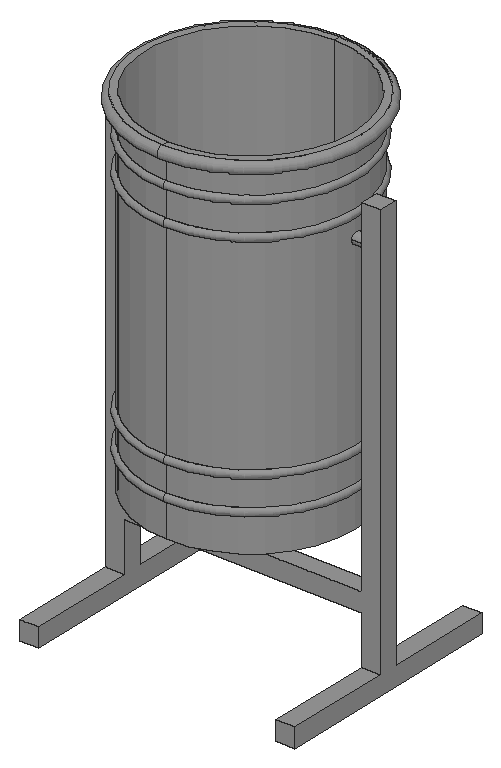
Revit family "50111 Урна стальная «Альфа» круглая Хоббика", category Антураж, Revit 2018
Family settings
  На основе рабочей плоскости = Нет
  Всегда вертикально = Да
  При загрузке вырезать с полостями = Нет
  Источник визуального образа = Геометрия семейства
  Общий = Нет
  Точка расчета площади = Нет
Parameters (values of type "Урна стальная «Альфа» круглая")
  Ширина = 310 mm  # constant formula
  Цвет урны = Урна
  Цвет опор = Опора
  Описание = "Урна стальная «Альфа» круглая"  # constant formula
  Материал изделия = "Сталь"  # constant formula
  Изображение типоразмера = Урна стальная «Альфа» круглая Арт 50111.jpg
  Изготовитель = "ООО «Хоббика»"  # constant formula
  Длина = 365 mm  # constant formula
  Группа модели = "Уличные урны"  # constant formula
  Высота = 650 mm  # constant formula
  Артикул товара = "Арт. 50111"  # constant formula
  URL = "https://hobbyka.ru/product/urna_stalnaya_alfa_kruglaya/"
Reference planes
  plane 1 "По центру (Вперед/Назад)": y = 0
  plane 2: z = 0
  plane 3 "По центру (Влево/Вправо)": x = 0
  plane 4: x = 365
  plane 5: y = 310
  plane 6: z = 650
Forms (mm)
  Extrusion 1, solid, material "Опора" <- "Цвет опор"
    sketch origin (0, 0, 0) x (1, 0, 0) y (0, 0, 1)
      loop
        line (0, 577.5) -> (0, 0) -> (25, 0) -> (25, 90) -> (340, 90) -> (340, 0) -> (365, 0) -> (365, 577.5) -> (340, 577.5) -> (340, 115) -> (25, 115) -> (25, 577.5) -> (0, 577.5)
    from -167.5 to -142.5
  Extrusion 2, solid, material "Опора" <- "Цвет опор"
    sketch origin (0, 0, 0) x (1, 0, 0) y (0, 1, 0)
      loop
        line (0, 310) -> (0, 0) -> (25, 0) -> (25, 310) -> (0, 310)
      loop
        line (365, 310) -> (340, 310) -> (340, 0) -> (365, 0) -> (365, 310)
    from 0 to 25
  Extrusion 3, solid, material "Опора" <- "Цвет опор"
    sketch origin (0, 5, 0) x (0, 1, 0) y (0, 0, 1)
      loop
        circle (150, 525) r 7.5
    from 25 to 43.01
  Extrusion 4, solid, material "Опора" <- "Цвет опор"
    sketch origin (0, 5, 0) x (0, 1, 0) y (0, 0, 1)
      loop
        circle (150, 525) r 7.5
    from 322.232 to 340
Cuts and joins
  joined: Extrusion 1, Extrusion 2
Dimensions and locks
  "Ширина": plane 5 to plane 1 "По центру (Вперед/Назад)"
  "Длина": plane 3 "По центру (Влево/Вправо)" to plane 4  (x2)
  "Высота": plane 6 to level
  plane 5 to plane 1 "По центру (Вперед/Назад)" = 310 mm
  equal spacing: plane 3 "По центру (Влево/Вправо)", nested 1, plane 4
  equal spacing: plane 5, nested 1, plane 1 "По центру (Вперед/Назад)"
  aligned and locked: level to plane 2
Automatic sketch dimensions
  Extrusion 1 sketch curve to plane 3 "По центру (Влево/Вправо)" = 0 mm
  Extrusion 1 sketch curve to level = 0 mm  (x2)
  Extrusion 1 sketch curve to plane 4 = 0 mm
  plane 3 "По центру (Влево/Вправо)" to Extrusion 1 sketch curve = 25 mm
  Extrusion 1 sketch curve to Extrusion 1 sketch curve = 0 mm
  Extrusion 1 sketch curve to Extrusion 1 sketch curve = 25 mm  (x3)
  level to Extrusion 1 sketch curve = 90 mm
  Extrusion 1 sketch curve to plane 6 = 72.5 mm  (x2)
  plane 1 "По центру (Вперед/Назад)" to Extrusion 2 sketch curve = 0 mm  (x2)
  Extrusion 2 sketch curve to plane 3 "По центру (Влево/Вправо)" = 0 mm
  Extrusion 2 sketch curve to plane 5 = 0 mm  (x2)
  Extrusion 2 sketch curve to plane 4 = 0 mm
  plane 3 "По центру (Влево/Вправо)" to Extrusion 2 sketch curve = 25 mm
  Extrusion 2 sketch curve to plane 4 = 25 mm
  Extrusion 3 sketch curve to plane 1 "По центру (Вперед/Назад)" = 155 mm
  Extrusion 3 sketch curve to plane 6 = 125 mm
  Extrusion 4 sketch curve to plane 1 "По центру (Вперед/Назад)" = 155 mm
  Extrusion 4 sketch curve to plane 6 = 125 mm
  radius of Extrusion 3 sketch curve = 7.5 mm
  radius of Extrusion 4 sketch curve = 7.5 mm
Nested families
  nested 1: "Урна куруглая 30 литсров д310" at (182.5, 155, 650), type "30 литров"
Definition of nested family "Урна куруглая 30 литсров д310"
  Parameters (values of type "30 литров")
    Материал урны = none
    Height = 0 mm
  Reference planes
    plane 1 "По центру (Вперед/Назад)": y = 0
    plane 2: z = 0
    plane 3 "По центру (Влево/Вправо)": x = 0
  Forms (mm)
    Revolve 1, solid, material <- "Материал урны"
      sketch origin (0, 0, -472) x (0, 1, 0) y (0, 0, 1)
        loop
          line (0, 0) -> (0, 2) -> (-138, 2) -> (-138, 472) -> (-147.5, 472)
          arc (-147.5, 472) -> (-155, 464.5) -> (-147.5, 457) r 7.5
          line (-147.5, 457) -> (-140, 457) -> (-140, 427)
          arc (-140, 427) -> (-145, 422) -> (-140, 417) r 5
          line (-140, 417) -> (-140, 382)
          arc (-140, 382) -> (-145, 377) -> (-140, 372) r 5
          line (-140, 372) -> (-140, 100)
          arc (-140, 100) -> (-145, 95) -> (-140, 90) r 5
          line (-140, 90) -> (-140, 55)
          arc (-140, 55) -> (-145, 50) -> (-140, 45) r 5
          line (-140, 45) -> (-140, 0) -> (0, 0)
        axis (0, 472) -> (0, 0)
      angle from 0 to 360
  Dimensions and locks
    Revolve 1 to Revolve 1 = 470 mm
    diameter of Revolve 1 = 276 mm
    aligned and locked: level to plane 2
